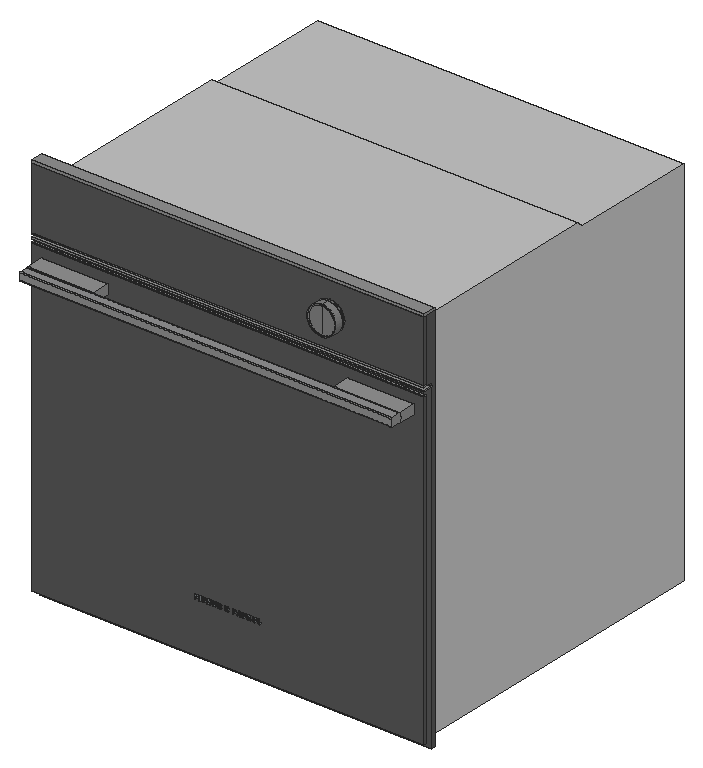
Revit family "FP-Revit19-en-OS60SMTDB1-SteamOven-0-90003133A-AU-NZ-CN-IE-UK-EU", category Specialty Equipment, Revit 2019
Family settings
  Round Connector Dimension = Use Diameter
  Part Type = Normal
  OmniClass Number = 23.40.40.14.17.11
  OmniClass Title = Cookers, Ovens, Stoves
  Work Plane-Based = No
  Always vertical = Yes
  Cut with Voids When Loaded = Yes
  Shared = No
  Room Calculation Point = No
Parameters (values of type "OS60SMTDB1")
  Visibility - Clearance Required = yes
  URL = "www.fisherpaykel.com"
  Product - Height = 598 mm  # constant formula
  Product - Width = 596 mm  # constant formula
  Product - Depth (Exc. Handles) = 565 mm  # constant formula
  Opening - Height = 600 mm  # constant formula
  Model = "OS60SMTDB1"
  Material - Trim = Fisher & Paykel - Aluminium, Dark
  Material - Structure = Fisher & Paykel - Black
  Material - Handle = Fisher & Paykel - Aluminium, Dark
  Material - Glass = Fisher & Paykel - Glass, Black
  Material - Dial = Fisher & Paykel - Aluminium, Dark, Matt
  Material - Body = Fisher & Paykel - Grey
  Manufacturer = "Fisher & Paykel Appliances"
  FFL Offset [instance] = 900 mm
  Description = "Combination Steam Oven, 60cm, 23 Function"
  Connector Description - Electrical = "220-240V, 50Hz ,15A"
  Chassis - Width = 556 mm  # constant formula
  Chassis - Height = 575 mm  # constant formula
  Chassis - Depth = 545 mm  # constant formula
  Cavity - Width = 560 mm  # constant formula
  Cavity - Height = 580 mm  # constant formula
  Cavity - Depth = 550 mm  # constant formula
Reference planes
  plane 1 "Datum": y = 0
  plane 2: z = -2
  plane 3 "Center (Left/Right)": x = 0
  plane 4 "Product - LHS": x = -298
  plane 5 "Product - RHS": x = 298
  plane 6 "Cavity - RHS": x = 280
  plane 7 "FFL Offset": z = 898
  plane 8 "Chassis - Depth": y = 545
  plane 9 "Front Face": y = -20
  plane 10 "Chassis - Height": z = 1473
  plane 11 "Cavity - Height": z = 1478
  plane 12 "Opening - Height": z = 1498
  plane 13 "Cavity - LHS": x = -280
  plane 14 "Cavity - Depth": y = 550
  plane 15 "Product - Height": z = 1496
  plane 16 "Opening - RHS": x = 300
  plane 17 "Opening - LHS": x = -300
  plane 18 "Chassis - LHS": x = -278
  plane 19 "Chassis - RHS": x = 278
Forms (mm)
  Extrusion 1, solid, material "Fisher & Paykel - Grey" <- "Material - Body"
    sketch origin (0, 0, 0) x (0, 1, 0) y (0, 0, 1)
      loop
        line (0, 1473) -> (0, 898) -> (528, 898) -> (528, 1088) -> (545, 1108) -> (545, 1303) -> (498, 1358) -> (498, 1466) -> (305, 1466) -> (298, 1473) -> (0, 1473)
    from -278 to 278
  Extrusion 2, solid, material "Fisher & Paykel - Black" <- "Material - Structure", detail levels fine
    sketch origin (0, 0, 0) x (0, 1, 0) y (0, 0, 1)
      loop
        line (0, 1492.7) -> (-16, 1492.7) -> (-16, 1396) -> (-4, 1396) -> (-4, 898) -> (0, 898) -> (0, 1492.7)
    from -298 to 298
  Extrusion 3, solid, material "Fisher & Paykel - Glass, Black" <- "Material - Glass", detail levels fine
    sketch origin (0, 0, -3) x (0, 1, 0) y (0, 0, 1)
      loop
        line (-20, 1386.4) -> (-20, 912.5) -> (-16, 912.5) -> (-16, 1386.4) -> (-20, 1386.4)
      loop
        line (-20, 1400.8) -> (-16, 1400.8) -> (-16, 1495.7) -> (-20, 1495.7) -> (-20, 1400.8)
    from -298 to 298
  Extrusion 4, solid, material "Fisher & Paykel - Black" <- "Material - Structure", detail levels fine
    sketch origin (0, 0, 0) x (0, 1, 0) y (0, 0, 1)
      loop
        line (-16, 909.5) -> (-4, 909.5) -> (-4, 1380.364) -> (-13.99, 1384) -> (-16, 1384) -> (-16, 909.5)
    from -268 to 268
  Extrusion 5, solid, material "Fisher & Paykel - Clearance Required", visible <- "Visibility - Clearance Required", detail levels coarse
    sketch origin (0, 0, -2) x (1, 0, 0) y (0, 1, 0)
      loop
        line (-280, 0) -> (280, 0) -> (280, 550) -> (-280, 550) -> (-280, 0)
    from 900 to 1480
  Extrusion 6, void
    sketch origin (0, 0, 0) x (0, 1, 0) y (0, 0, 1)
      loop
        line (-20, 898) -> (0, 898) -> (0, 1498) -> (-20, 1498) -> (-20, 898)
    from -300 to 300
  Extrusion 7, solid, material "Fisher & Paykel - Grey" <- "Material - Body"
    sketch origin (0, 2, 0) x (0, 1, 0) y (0, 0, 1)
      loop
        line (496, 1433.999) -> (496, 1376) -> (517.999, 1376) -> (517.999, 1433.999) -> (496, 1433.999)
    from -221 to -128
  Extrusion 8, solid, material "Fisher & Paykel - Aluminium, Dark" <- "Material - Trim", detail levels fine
    sketch origin (0, 0, -1.199) x (0, 1, 0) y (0, 0, 1)
      loop
        line (-16, 1397.199) -> (-16, 1398.999) -> (-20, 1398.999) -> (-20, 1397.199) -> (-16, 1397.199)
      loop
        line (-16, 1384.599) -> (-16, 1386.199) -> (-20, 1386.199) -> (-20, 1384.599) -> (-16, 1384.599)
      loop
        line (-4, 1390.799) -> (-4, 1392.399) -> (-20, 1392.399) -> (-20, 1390.799) -> (-4, 1390.799)
      loop
        line (0, 1493.899) -> (0, 1497.199) -> (-20, 1497.199) -> (-20, 1493.899) -> (0, 1493.899)
    from -298 to 298
  Extrusion 9, void
    sketch origin (0, 0, -2) x (1, 0, 0) y (0, 1, 0)
      loop
        line (201.865, 545) -> (229, 498) -> (278, 498) -> (278, 545) -> (201.865, 545)
      loop
        line (-201.865, 545) -> (-278, 545) -> (-278, 498) -> (-229, 498) -> (-201.865, 545)
    from 900 to 1480
  Extrusion 10, solid, material "Fisher & Paykel - Grey" <- "Material - Body"
    sketch origin (0, 6.626, -14.403) x (0, 1, 0) y (0, 0, 1)
      loop
        circle (501.374, 1419.388) r 5
    from -271 to -221
  Extrusion 11, void
    sketch origin (0, 0, -2) x (1, 0, 0) y (0, 1, 0)
      loop
        line (-280, 0) -> (280, 0) -> (280, 550) -> (-280, 550) -> (-280, 0)
    from 900 to 1480
  Extrusion 12, solid, material "Fisher & Paykel - Glass, Black" <- "Material - Glass", detail levels coarse+medium
    sketch origin (0, 0, 0) x (0, 1, 0) y (0, 0, 1)
      loop
        line (0, 1496) -> (-20, 1496) -> (-20, 1396) -> (-4, 1396) -> (-4, 1391.2) -> (-4, 1380.364) -> (-13.99, 1384) -> (-16, 1384) -> (-16, 1385) -> (-20, 1385) -> (-20, 909.5) -> (-4, 909.5) -> (-4, 898) -> (0, 898) -> (0, 1496)
    from -298 to 298
  Extrusion 13, solid, material "Fisher & Paykel - Clearance Required", visible <- "Visibility - Clearance Required", detail levels coarse
    sketch origin (0, 0, 0) x (0, 1, 0) y (0, 0, 1)
      loop
        line (0, 898) -> (0, 1498) -> (-20, 1498) -> (-20, 1385)
        arc (-20, 1385) -> (-332.479, 1259.952) -> (-475.335, 955.203) r 458.415
        line (-475.335, 955.203) -> (-461.431, 954.484) -> (-463.168, 920.896) -> (-450.381, 920.235) -> (-448.645, 953.805) -> (-20, 931.639) -> (-20, 898) -> (0, 898)
    from -300 to 300
Cuts and joins
  Extrusion 9 cuts Extrusion 1
Text (mm)
  text "Due to ongoing product development, product details are subject to change without notice. \nPlease always refer to www.fisherpaykel.com for the most current product information. \n© Fisher & Paykel 2020" at (41.04, -613.295, 0), in view "Ref. Level (Plan)"
Dimensions and locks
  equal spacing: plane 4 "Product - LHS", plane 3 "Center (Left/Right)", plane 5 "Product - RHS"
  "Product - Width": plane 4 "Product - LHS" to plane 5 "Product - RHS"
  "FFL Offset": plane 7 "FFL Offset" to level
  locked: plane 9 "Front Face" to plane 1 "Datum" at 20
  "Cavity - Height": plane 11 "Cavity - Height" to plane 7 "FFL Offset"
  "Chassis - Height": plane 10 "Chassis - Height" to plane 7 "FFL Offset"
  "Cavity - Depth": plane 1 "Datum" to plane 14 "Cavity - Depth"
  "Cavity - Width": plane 13 "Cavity - LHS" to plane 6 "Cavity - RHS"
  Extrusion 6 to Extrusion 3 = 11.5 mm
  "Chassis - Depth": plane 1 "Datum" to plane 8 "Chassis - Depth"
  equal spacing: plane 13 "Cavity - LHS", plane 3 "Center (Left/Right)", plane 6 "Cavity - RHS"
  "Opening - Height": plane 7 "FFL Offset" to plane 12 "Opening - Height"
  "Product - Height": plane 7 "FFL Offset" to plane 15 "Product - Height"
  equal spacing: cut or joined group of Extrusion 1, Extrusion 9, plane 3 "Center (Left/Right)", cut or joined group of Extrusion 1, Extrusion 9
  "Chassis - Width": cut or joined group of Extrusion 1, Extrusion 9 to cut or joined group of Extrusion 1, Extrusion 9
  locked: plane 15 "Product - Height" to nested 2 at 506.195
  plane 9 "Front Face" to plane 8 "Chassis - Depth" = 565 mm
  locked: nested 1 to plane 15 "Product - Height" at 52.1
  locked: nested 3 to plane 15 "Product - Height" at 135
  aligned and locked: level to plane 2
  aligned and locked: plane 4 "Product - LHS" to Extrusion 3
  aligned and locked: Extrusion 3 to plane 5 "Product - RHS"
  aligned and locked: plane 4 "Product - LHS" to Extrusion 2
  aligned and locked: Extrusion 2 to plane 5 "Product - RHS"
  aligned and locked: Extrusion 1 to plane 7 "FFL Offset"
  aligned and locked: Extrusion 8 to plane 5 "Product - RHS"
  aligned and locked: Extrusion 8 to Extrusion 3
  aligned and locked: Extrusion 6 to Extrusion 3
  aligned and locked: Extrusion 3 to Extrusion 8
  aligned and locked: Extrusion 4 to Extrusion 3
  aligned and locked: Extrusion 4 to Extrusion 2
  aligned and locked: Extrusion 8 to plane 1 "Datum"
  aligned and locked: plane 9 "Front Face" to Extrusion 6
  aligned and locked: Extrusion 5 to plane 6 "Cavity - RHS"
  aligned and locked: Extrusion 10 to Extrusion 7
  aligned and locked: plane 11 "Cavity - Height" to Extrusion 5
  aligned and locked: Extrusion 6 to plane 12 "Opening - Height"
  aligned and locked: Extrusion 6 to Extrusion 2
  aligned and locked: Extrusion 8 to plane 15 "Product - Height"
  aligned and locked: Extrusion 8 to Extrusion 2
  aligned and locked: Extrusion 9 to Extrusion 1
  aligned and locked: Extrusion 5 to Extrusion 2
  aligned and locked: Extrusion 5 to Extrusion 9
  aligned and locked: Extrusion 5 to plane 7 "FFL Offset"
  aligned and locked: Extrusion 1 to Extrusion 9
  aligned and locked: Extrusion 12 sketch curve to plane 15 "Product - Height"
  aligned and locked: plane 11 "Cavity - Height" to Extrusion 11
  aligned and locked: Extrusion 2 to Extrusion 11
  aligned and locked: Extrusion 3 to Extrusion 4
  aligned and locked: Extrusion 12 to Extrusion 3
  aligned and locked: Extrusion 13 to plane 16 "Opening - RHS"
  aligned and locked: plane 17 "Opening - LHS" to Extrusion 13
Automatic sketch dimensions
  Extrusion 1 sketch curve to plane 1 "Datum" = 0 mm
  Extrusion 1 sketch curve to plane 10 "Chassis - Height" = 0 mm
  Extrusion 1 sketch curve to plane 7 "FFL Offset" = 0 mm
  Extrusion 1 sketch curve to plane 8 "Chassis - Depth" = 0 mm
  Extrusion 1 sketch curve to Extrusion 1 sketch curve = 7 mm
  Extrusion 1 sketch curve to plane 10 "Chassis - Height" = 7 mm
  Extrusion 1 sketch curve to Extrusion 1 sketch curve = 20 mm
  Extrusion 2 sketch curve to plane 7 "FFL Offset" = 0 mm
  Extrusion 2 sketch curve to plane 1 "Datum" = 0 mm
  plane 1 "Datum" to Extrusion 2 sketch curve = 4 mm
  Extrusion 2 sketch curve to plane 9 "Front Face" = 4 mm
  plane 15 "Product - Height" to Extrusion 2 sketch curve = 3.3 mm
  Extrusion 3 sketch curve to plane 9 "Front Face" = 0 mm  (x2)
  Extrusion 3 sketch curve to Extrusion 3 sketch curve = 4 mm  (x2)
  plane 7 "FFL Offset" to Extrusion 3 sketch curve = 11.5 mm
  Extrusion 3 sketch curve to Extrusion 3 sketch curve = 14.4 mm
  plane 15 "Product - Height" to Extrusion 3 sketch curve = 3.3 mm
  Extrusion 4 sketch curve to plane 9 "Front Face" = 4 mm
  Extrusion 4 sketch curve to Extrusion 4 sketch curve = 2.01 mm
  plane 1 "Datum" to Extrusion 4 sketch curve = 4 mm
  plane 7 "FFL Offset" to Extrusion 4 sketch curve = 11.5 mm
  Extrusion 4 sketch curve to Extrusion 4 sketch curve = 3.636 mm
  Extrusion 5 sketch curve to plane 13 "Cavity - LHS" = 0 mm
  Extrusion 5 sketch curve to plane 6 "Cavity - RHS" = 0 mm
  plane 1 "Datum" to Extrusion 5 sketch curve = 0 mm
  Extrusion 5 sketch curve to plane 14 "Cavity - Depth" = 0 mm
  Extrusion 6 sketch curve to plane 9 "Front Face" = 0 mm
  Extrusion 6 sketch curve to plane 1 "Datum" = 0 mm
  Extrusion 6 sketch curve to plane 7 "FFL Offset" = 0 mm
  plane 12 "Opening - Height" to Extrusion 6 sketch curve = 0 mm
  Extrusion 7 sketch curve to Extrusion 7 sketch curve = 21.999 mm
  Extrusion 8 sketch curve to plane 9 "Front Face" = 0 mm  (x4)
  Extrusion 8 sketch curve to plane 1 "Datum" = 0 mm
  plane 15 "Product - Height" to Extrusion 8 sketch curve = 0 mm
  Extrusion 8 sketch curve to Extrusion 8 sketch curve = 4 mm  (x2)
  plane 1 "Datum" to Extrusion 8 sketch curve = 4 mm
  plane 15 "Product - Height" to Extrusion 8 sketch curve = 3.3 mm
  Extrusion 8 sketch curve to Extrusion 8 sketch curve = 1.8 mm
  Extrusion 8 sketch curve to Extrusion 8 sketch curve = 4.8 mm
  Extrusion 8 sketch curve to Extrusion 8 sketch curve = 1.6 mm  (x2)
  Extrusion 8 sketch curve to Extrusion 8 sketch curve = 4.6 mm
  Extrusion 9 sketch curve to plane 8 "Chassis - Depth" = 0 mm  (x2)
  Extrusion 9 sketch curve to plane 13 "Cavity - LHS" = 2 mm
  Extrusion 9 sketch curve to Extrusion 9 sketch curve = 49 mm
  Extrusion 9 sketch curve to Extrusion 9 sketch curve = 27.135 mm
  plane 6 "Cavity - RHS" to Extrusion 9 sketch curve = 78.135 mm
  plane 6 "Cavity - RHS" to Extrusion 9 sketch curve = 51 mm
  plane 6 "Cavity - RHS" to Extrusion 9 sketch curve = 2 mm
  Extrusion 11 sketch curve to plane 13 "Cavity - LHS" = 0 mm
  Extrusion 11 sketch curve to plane 6 "Cavity - RHS" = 0 mm
  plane 1 "Datum" to Extrusion 11 sketch curve = 0 mm
  Extrusion 11 sketch curve to plane 14 "Cavity - Depth" = 0 mm
  Extrusion 7 sketch curve to plane 10 "Chassis - Height" = 39.001 mm
  Extrusion 1 sketch curve to Extrusion 1 sketch curve = 163 mm
  Extrusion 1 sketch curve to Extrusion 1 sketch curve = 55 mm
  Extrusion 2 sketch curve to plane 10 "Chassis - Height" = 77 mm
  Extrusion 3 sketch curve to plane 10 "Chassis - Height" = 89.6 mm
  Extrusion 4 sketch curve to plane 10 "Chassis - Height" = 92.636 mm
  Extrusion 7 sketch curve to Extrusion 7 sketch curve = 57.999 mm
  Extrusion 8 sketch curve to plane 10 "Chassis - Height" = 75.2 mm
  Extrusion 10 sketch curve to plane 10 "Chassis - Height" = 68.015 mm
  Extrusion 12 sketch curve to plane 9 "Front Face" = 0 mm  (x2)
  Extrusion 12 sketch curve to plane 7 "FFL Offset" = 0 mm
  Extrusion 12 sketch curve to plane 1 "Datum" = 0 mm
  Extrusion 12 sketch curve to plane 9 "Front Face" = 4 mm
  Extrusion 12 sketch curve to Extrusion 12 sketch curve = 2.01 mm
  plane 1 "Datum" to Extrusion 12 sketch curve = 4 mm  (x2)
  Extrusion 12 sketch curve to plane 10 "Chassis - Height" = 92.636 mm
  Extrusion 12 sketch curve to Extrusion 12 sketch curve = 3.636 mm
  Extrusion 12 sketch curve to Extrusion 12 sketch curve = 1 mm
  Extrusion 12 sketch curve to Extrusion 12 sketch curve = 10.836 mm
  Extrusion 12 sketch curve to Extrusion 12 sketch curve = 11 mm
  Extrusion 12 sketch curve to Extrusion 12 sketch curve = 11.5 mm
  Extrusion 1 sketch curve to Extrusion 1 sketch curve = 190 mm
  Extrusion 13 sketch curve to plane 9 "Front Face" = 0 mm  (x2)
  Extrusion 13 sketch curve to plane 1 "Datum" = 0 mm
  Extrusion 13 sketch curve to plane 7 "FFL Offset" = 0 mm
  plane 12 "Opening - Height" to Extrusion 13 sketch curve = 0 mm
  plane 7 "FFL Offset" to Extrusion 13 sketch curve = 55.805 mm
  plane 9 "Front Face" to Extrusion 13 sketch curve = 428.645 mm
  plane 7 "FFL Offset" to Extrusion 13 sketch curve = 22.235 mm
  Extrusion 13 sketch curve to Extrusion 13 sketch curve = 1.736 mm
  plane 7 "FFL Offset" to Extrusion 13 sketch curve = 56.484 mm
  Extrusion 13 sketch curve to Extrusion 13 sketch curve = 12.786 mm
  Extrusion 13 sketch curve to plane 9 "Front Face" = 2.186 mm
  Extrusion 13 sketch curve to Extrusion 13 sketch curve = 5.049 mm
  Extrusion 13 sketch curve to Extrusion 13 sketch curve = 13.904 mm
  Extrusion 1 sketch curve to plane 8 "Chassis - Depth" = 247 mm
  Extrusion 1 sketch curve to plane 8 "Chassis - Depth" = 47 mm
  Extrusion 1 sketch curve to plane 8 "Chassis - Depth" = 17 mm
  Extrusion 7 sketch curve to plane 8 "Chassis - Depth" = 47 mm
  Extrusion 9 sketch curve to plane 8 "Chassis - Depth" = 47 mm  (x2)
  Extrusion 10 sketch curve to plane 8 "Chassis - Depth" = 37 mm
  radius of Extrusion 10 sketch curve = 5 mm
Nested families
  nested 1: "F&P Dial Minimal Oven" at (155.3, -20, 1444), type "F&P Dial Minimal Oven"
  nested 2: "F&P Logo 100mm" at (0.044, -20, 987), type "Grey"
  nested 3: "F&P Handle Contemporary Square Fine OB60-24" at (0, -20, 1361.022), type "Aluminium Black"
Connectors
  electrical at (-271, 508, 1404.985), driven by "Connector Description - Electrical"
    settings: on Extrusion 10, index 1, voltage 230 V, apparent load 0 VA, apparent load phase1 0 VA, apparent load phase2 0 VA, apparent load phase3 0 VA, power factor 1, load classification "Other", number of poles 1, system type 30, power factor state 1, is connector primary yes, connector utility yes, sub classification motor no, connector description "220-240V, 50Hz ,15A"
Definition of nested family "F&P Dial Minimal Oven"
  Parameters (values of type "F&P Dial Minimal Oven")
    URL = "www.fisherpaykel.com"
    Material - Buttons and Dials = none
    Manufacturer = "Fisher & Paykel Appliances"
  Reference planes
    plane 1 "Center (Front/Back)": y = 0
    plane 2: z = 0
    plane 3 "Center (Left/Right)": x = 0
    plane 4: x = 0
    plane 5 "Dial": z = 0
  Forms (mm)
    Revolve 1, solid, material <- "Material - Buttons and Dials", detail levels fine
      sketch origin (0, 0, 0) x (0, 1, 0) y (0, 0, 1)
        loop
          line (-15.2, 0) -> (0, 0) -> (0, 22) -> (-0.8, 22) -> (-0.8, 18.5) -> (-4.2, 18.5) -> (-4.2, 20.136) -> (-4.7, 22) -> (-15.8, 22) -> (-15.8, 21.2) -> (-15.301, 20) -> (-15.301, 0)
        axis (-15.8, 0) -> (0, 0)
      angle from 0 to 360
    Revolve 2, solid, material <- "Material - Buttons and Dials", detail levels coarse+medium
      sketch origin (0, 0, 0) x (0, 1, 0) y (0, 0, 1)
        loop
          line (0, 18.5) -> (-4.2, 18.5) -> (-4.2, 22) -> (-15.8, 22) -> (-15.8, 0) -> (0, 0) -> (0, 18.5)
        axis (-15.8, 0) -> (0, 0)
      angle from 0 to 360
  Dimensions and locks
    aligned and locked: level to plane 2
Definition of nested family "F&P Logo 100mm"
  Parameters (values of type "Grey")
    URL = "www.fisherpaykel.com"
    Material - Logo = none
    Manufacturer = "Fisher & Paykel Appliances"
  Reference planes
    plane 1 "Center (Front/Back)": y = 0
    plane 2: z = 0
    plane 3 "Center (Left/Right)": x = 0
    plane 4 "Logo": z = 2.805
  Forms (mm)
    Extrusion 1, solid, material <- "Material - Logo", detail levels fine
      sketch origin (0, 0, 0) x (1, 0, 0) y (0, 0, 1)
        loop
          line (-50.044, 0) -> (-48.47, 0) -> (-48.47, 2.138) -> (-46.011, 2.138) -> (-46.011, 3.472) -> (-48.47, 3.472) -> (-48.47, 4.712) -> (-45.795, 4.712) -> (-45.795, 6.04) -> (-50.044, 6.04) -> (-50.044, 0)
        loop
          line (-42.804, 6.04) -> (-42.804, 0) -> (-41.23, 0) -> (-41.23, 6.04) -> (-42.804, 6.04)
        loop
          line (-30.724, 6.04) -> (-30.724, 0) -> (-29.151, 0) -> (-29.151, 2.42) -> (-26.839, 2.42) -> (-26.839, 0) -> (-25.265, 0) -> (-25.265, 6.04) -> (-26.839, 6.04) -> (-26.839, 3.748) -> (-29.151, 3.748) -> (-29.151, 6.04) -> (-30.724, 6.04)
        loop
          line (-21.906, 6.04) -> (-21.906, 0) -> (-17.602, 0) -> (-17.602, 1.328) -> (-20.347, 1.328) -> (-20.347, 2.42) -> (-17.838, 2.42) -> (-17.838, 3.748) -> (-20.347, 3.748) -> (-20.347, 4.712) -> (-17.602, 4.712) -> (-17.602, 6.04) -> (-21.906, 6.04)
        loop
          line (45.667, 6.04) -> (45.667, 0) -> (49.956, 0) -> (49.956, 1.328) -> (47.241, 1.328) -> (47.241, 6.04) -> (45.667, 6.04)
        loop
          line (42.431, 6.04) -> (38.112, 6.04) -> (38.112, 0) -> (42.431, 0) -> (42.431, 1.328) -> (39.687, 1.328) -> (39.687, 2.42) -> (42.195, 2.42) -> (42.195, 3.748) -> (39.687, 3.748) -> (39.687, 4.712) -> (42.431, 4.712) -> (42.431, 6.04)
        loop
          line (33.443, 3.137) -> (35.683, 6.04) -> (33.844, 6.04) -> (31.915, 3.542) -> (31.915, 6.04) -> (30.342, 6.04) -> (30.342, 0) -> (31.915, 0) -> (31.915, 2.705) -> (33.903, 0) -> (35.747, 0) -> (33.443, 3.137)
        loop
          line (21.98, 6.04) -> (24.262, 2.42) -> (24.262, 0) -> (25.837, 0) -> (25.837, 2.341) -> (28.119, 6.04) -> (26.446, 6.04) -> (25.099, 3.707) -> (23.753, 6.04) -> (21.98, 6.04)
        loop
          line (18.479, 6.04) -> (16.983, 6.04) -> (14.524, 0) -> (16.069, 0) -> (16.501, 1.112) -> (18.786, 1.112) -> (19.219, 0) -> (20.938, 0) -> (18.479, 6.04)
        loop
          line (18.4, 2.439) -> (17.693, 4.174) -> (17.018, 2.439) -> (18.4, 2.439)
        loop
          line (8.031, 6.04) -> (8.031, 0) -> (9.605, 0) -> (9.605, 1.938) -> (10.599, 1.938)
          arc (10.599, 1.938) -> (12.65, 3.989) -> (10.599, 6.04) r 2.051
          line (10.599, 6.04) -> (8.031, 6.04)
        loop
          line (9.605, 4.712) -> (9.605, 3.197) -> (10.501, 3.197)
          arc (10.501, 3.197) -> (11.259, 3.954) -> (10.501, 4.712) r 0.757
          line (10.501, 4.712) -> (9.605, 4.712)
        loop
          line (-11.783, 6.04) -> (-14.366, 6.04) -> (-14.366, 0) -> (-12.792, 0) -> (-12.792, 1.336) -> (-11.992, 1.336) -> (-10.972, 0) -> (-9.153, 0) -> (-10.694, 1.973)
          arc (-10.694, 1.973) -> (-9.678, 4.424) -> (-11.783, 6.04) r 2.179
        loop
          line (-11.897, 4.712) -> (-12.792, 4.712) -> (-12.792, 3.053) -> (-11.897, 3.053)
          arc (-11.897, 3.053) -> (-11.068, 3.882) -> (-11.897, 4.712) r 0.83
        loop
          line (0.477, 4.712) -> (0.477, 6.153) -> (-3.575, 6.153) -> (-3.575, 4.851) -> (-2.974, 4.112)
          arc (-2.974, 4.112) -> (-3.51, 0.684) -> (-0.045, 0.512) r 2.334
          line (-0.045, 0.512) -> (0.46, -0.109) -> (2.246, -0.109) -> (0.86, 1.594) -> (2.061, 3.324) -> (0.443, 3.324) -> (-0.013, 2.667) -> (-1.677, 4.712) -> (0.477, 4.712)
        loop
          arc (-2.125, 3.068) -> (-2.269, 1.668) -> (-0.868, 1.524) r 0.996
          line (-0.868, 1.524) -> (-2.125, 3.068)
        loop
          line (-35.18, 3.634) -> (-36.516, 3.91)
          arc (-36.516, 3.91) -> (-37.049, 4.443) -> (-36.516, 4.976) r 0.533
          arc (-36.516, 4.976) -> (-35.235, 4.79) -> (-34.059, 4.248) r 4.505
          line (-34.059, 4.248) -> (-34.059, 5.743)
          arc (-34.059, 5.743) -> (-35.549, 6.179) -> (-37.1, 6.109) r 4.726
          arc (-37.1, 6.109) -> (-38.536, 4.335) -> (-37.1, 2.561) r 1.814
          line (-37.1, 2.561) -> (-35.754, 2.282)
          arc (-35.754, 2.282) -> (-35.221, 1.749) -> (-35.754, 1.216) r 0.533
          arc (-35.754, 1.216) -> (-37.035, 1.402) -> (-38.211, 1.945) r 4.505
          line (-38.211, 1.945) -> (-38.211, 0.449)
          arc (-38.211, 0.449) -> (-36.72, 0.013) -> (-35.169, 0.083) r 4.726
          arc (-35.169, 0.083) -> (-33.734, 1.863) -> (-35.18, 3.634) r 1.814
      from 0 to 0.8
  Dimensions and locks
    aligned and locked: level to plane 2
Definition of nested family "F&P Handle Contemporary Square Fine OB60-24"
  Parameters (values of type "Aluminium Black")
    URL = "www.fisherpaykel.com"
    Material - Handle = none
    Manufacturer = "Fisher & Paykel Appliances"
    Handle - Length = 565 mm
  Reference planes
    plane 1 "Center (Front/Back)": y = 0
    plane 2: z = 0
    plane 3 "Center (Left/Right)": x = 0
    plane 4 "Product LHS": x = -282.5
    plane 5 "Product RHS": x = 282.5
    plane 6 "LHS Standoff": x = -182.495
    plane 7 "RHS Standoff": x = 182.505
    plane 8 "Handle centre": z = -0.022
    plane 9: z = -0.022
  Forms (mm)
    Extrusion 1, solid, material <- "Material - Handle", detail levels fine
      sketch origin (0, 0, 0) x (0, 1, 0) y (0, 0, 1)
        loop
          arc (-26.813, 6.16) -> (-27.196, 6.554) -> (-27.728, 6.686) r 1
          line (-27.728, 6.686) -> (-40.035, 6.256)
          arc (-40.035, 6.256) -> (-40.719, 5.951) -> (-41, 5.257) r 1
          line (-41, 5.257) -> (-41, -5.257)
          arc (-41, -5.257) -> (-40.719, -5.951) -> (-40.035, -6.256) r 1
          line (-40.035, -6.256) -> (-27.709, -6.686)
          arc (-27.709, -6.686) -> (-27.175, -6.554) -> (-26.792, -6.158) r 1
          arc (-26.792, -6.158) -> (-25.256, 0.004) -> (-26.813, 6.16) r 13.038
      from -282.5 to 282.5
    Extrusion 2, solid, material <- "Material - Handle", detail levels fine
      sketch origin (0, 0, 0) x (0, 1, 0) y (0, 0, 1)
        loop
          arc (-26.626, -6.008) -> (-26.614, -6.49) -> (-26.2, -6.737) r 0.5
          line (-26.2, -6.737) -> (0, -7.696) -> (0, 7.704) -> (-26.174, 6.747)
          arc (-26.174, 6.747) -> (-26.587, 6.5) -> (-26.6, 6.019) r 0.5
          arc (-26.6, 6.019) -> (-25.156, 0.002) -> (-26.626, -6.008) r 13.136
      from 182.505 to 282.5
    Extrusion 3, solid, material <- "Material - Handle", detail levels coarse+medium
      sketch origin (0, 0, 0) x (1, 0, 0) y (0, 1, 0)
        loop
          line (-282.5, -42) -> (282.5, -42) -> (282.5, 0) -> (182.505, 0) -> (182.505, -26.156) -> (-182.495, -26.156) -> (-182.495, 0) -> (-282.5, 0) -> (-282.5, -42)
      from -8.022 to 7.978
    Extrusion 4, solid, material <- "Material - Handle", detail levels fine
      sketch origin (0, 0, 0) x (0, 1, 0) y (0, 0, 1)
        loop
          arc (-26.626, -6.008) -> (-26.614, -6.49) -> (-26.2, -6.737) r 0.5
          line (-26.2, -6.737) -> (0, -7.696) -> (0, 7.704) -> (-26.174, 6.747)
          arc (-26.174, 6.747) -> (-26.587, 6.5) -> (-26.6, 6.019) r 0.5
          arc (-26.6, 6.019) -> (-25.156, 0.002) -> (-26.626, -6.008) r 13.136
      from -282.5 to -182.495
  Dimensions and locks
    equal spacing: plane 4 "Product LHS", plane 3 "Center (Left/Right)", plane 5 "Product RHS"
    "Handle - Length": plane 4 "Product LHS" to plane 5 "Product RHS"
    locked: plane 4 "Product LHS" to plane 6 "LHS Standoff" at 100.005
    locked: plane 7 "RHS Standoff" to plane 5 "Product RHS" at 99.995
    aligned and locked: level to plane 2
    aligned and locked: Extrusion 1 to plane 5 "Product RHS"
    aligned and locked: plane 4 "Product LHS" to Extrusion 1
    aligned and locked: Extrusion 2 to plane 5 "Product RHS"
    aligned and locked: plane 4 "Product LHS" to Extrusion 3 sketch curve
    aligned and locked: Extrusion 3 sketch curve to plane 5 "Product RHS"
    aligned and locked: Extrusion 3 sketch curve to plane 7 "RHS Standoff"
    aligned and locked: plane 6 "LHS Standoff" to Extrusion 3 sketch curve
    aligned and locked: plane 4 "Product LHS" to Extrusion 4
    aligned and locked: plane 6 "LHS Standoff" to Extrusion 4
    aligned and locked: Extrusion 2 to plane 7 "RHS Standoff"
  Automatic sketch dimensions
    Extrusion 1 sketch curve to level = 5.257 mm
    plane 1 "Center (Front/Back)" to Extrusion 1 sketch curve = 41 mm
    level to Extrusion 1 sketch curve = 6.256 mm
    Extrusion 1 sketch curve to Extrusion 1 sketch curve = 0.965 mm  (x2)
    Extrusion 1 sketch curve to level = 6.256 mm
    Extrusion 1 sketch curve to Extrusion 1 sketch curve = 0.035 mm  (x3)
    Extrusion 1 sketch curve to level = 0.018 mm
    Extrusion 1 sketch curve to Extrusion 1 sketch curve = 1.706 mm
    level to Extrusion 1 sketch curve = 6.686 mm
    Extrusion 1 sketch curve to Extrusion 1 sketch curve = 12.307 mm
    Extrusion 1 sketch curve to level = 6.686 mm
    Extrusion 1 sketch curve to Extrusion 1 sketch curve = 12.326 mm
    Extrusion 1 sketch curve to Extrusion 1 sketch curve = 0.999 mm  (x2)
    Extrusion 1 sketch curve to Extrusion 1 sketch curve = 0 mm
    Extrusion 2 sketch curve to plane 1 "Center (Front/Back)" = 0 mm
    level to Extrusion 2 sketch curve = 6.247 mm
    plane 1 "Center (Front/Back)" to Extrusion 2 sketch curve = 26.155 mm
    level to Extrusion 2 sketch curve = 6.747 mm
    Extrusion 2 sketch curve to Extrusion 2 sketch curve = 0.018 mm  (x2)
    Extrusion 2 sketch curve to level = 6.238 mm
    Extrusion 2 sketch curve to Extrusion 2 sketch curve = 0.026 mm
    Extrusion 2 sketch curve to level = 6.737 mm
    level to Extrusion 2 sketch curve = 0.03 mm
    Extrusion 2 sketch curve to Extrusion 2 sketch curve = 12.11 mm
    Extrusion 2 sketch curve to level = 7.696 mm
    level to Extrusion 2 sketch curve = 7.704 mm
    Extrusion 2 sketch curve to Extrusion 2 sketch curve = 0 mm
    plane 1 "Center (Front/Back)" to Extrusion 3 sketch curve = 42 mm
    Extrusion 3 sketch curve to Extrusion 3 sketch curve = 15.844 mm
    Extrusion 3 sketch curve to Extrusion 3 sketch curve = 26.156 mm  (x2)
    level to Extrusion 4 sketch curve = 0.03 mm
    plane 1 "Center (Front/Back)" to Extrusion 4 sketch curve = 38.291 mm
    Extrusion 4 sketch curve to level = 6.737 mm
    Extrusion 4 sketch curve to Extrusion 4 sketch curve = 12.091 mm
    Extrusion 4 sketch curve to Extrusion 4 sketch curve = 0.018 mm  (x2)
    level to Extrusion 4 sketch curve = 6.747 mm
    Extrusion 4 sketch curve to Extrusion 4 sketch curve = 0.008 mm
    level to Extrusion 4 sketch curve = 7.704 mm
    Extrusion 4 sketch curve to Extrusion 4 sketch curve = 26.174 mm
    Extrusion 4 sketch curve to level = 7.696 mm
    Extrusion 4 sketch curve to Extrusion 4 sketch curve = 0.5 mm  (x2)
    Extrusion 4 sketch curve to Extrusion 4 sketch curve = 0 mm
